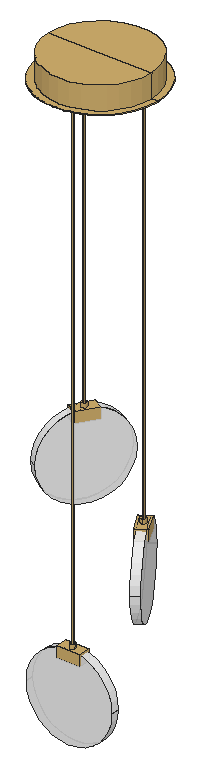
Revit family "3-6050-xx-xx Axiom pendant", category Luminarias, Revit 2021
Family settings
  Anfitrión = Techo
  Cota de conector redondo = Diámetro de uso
  Tipo de pieza = Normal
  Número OmniClass = 23.80.70.11
  Título OmniClass = Luminaries for Internal Lighting
  Siempre vertical = Sí
  Corte con vacíos al cargar = No
  Origen de luz = Sí
  Compartido = No
  Punto de cálculo de habitación = No
Parameters (values of type "3-6050-15 / Black")
  Wattage = 60.79 W
  Light Source Symbol Size = 609.6 mm
  built-in parameter 1150110 = 1 (stored number, unit not read)
  Voltage Input = "120 V or 277 V - 50/60 Hz"  # constant formula
  Voltage = 120 V
  URL = "www.oxygenlighting.com"
  References = "Ref. 3 = 120 V / Ref. 37 = 277 V"  # constant formula
  Pendant Height [instance] = 900 mm
  Forma visible en renderización = no
  Emit from Circle Diameter = 609.6 mm
  Modelo = "3-6050-xx Axiom Pendant"  # constant formula
  Metal Finish 1 = 40 - Aged Brass
  built-in parameter 1114217 = 1 (stored number, unit not read)
  built-in parameter 1150109 = 1 (stored number, unit not read)
  Fabricante = "Oxygen - Lighting & Fans"  # constant formula
  Lamp = ""
  Diffusers = Ice Acrylic
  built-in parameter 1150134 = (empty or 0)
  built-in parameter 1150113 = 1 (stored number, unit not read)
  Lumens = 1294.83 lm
  built-in parameter 1150115 = 1 (stored number, unit not read)
  built-in parameter 1150105 = 103.04 (stored number, unit not read)
  built-in parameter 1150137 = (empty or 0)
  built-in parameter 1150139 = (empty or 0)
  built-in parameter 1150112 = 1 (stored number, unit not read)
  built-in parameter 1150114 = 1 (stored number, unit not read)
  built-in parameter 1150132 = (empty or 0)
  built-in parameter 1150102 = (empty or 0)
  built-in parameter 1150138 = (empty or 0)
  built-in parameter 1150107 = 3000 (stored number, unit not read)
  built-in parameter 1150106 = 1.0304 (stored number, unit not read)
  built-in parameter 1150104 = 1.9788 (stored number, unit not read)
  Dimming Lamp Color Temperature Shift = (empty or 0)
  Default Elevation = 0 mm
  Color Filter = 16777215
  built-in parameter 1114218 = 1 (stored number, unit not read)
  built-in parameter 1150133 = 10 (stored number, unit not read)
Types (2): name
  3-6050-15 / Black
  3-6050-40 / Aged Brass
Reference planes
  plane 1 "Light Source Axis (F/B)": y = 0
  plane 2: z = 0
  plane 3 "Light Source Axis (L/R)": x = 0
  plane 4 "Ceiling": z = 4000
  plane 5 "Light Source Elevation": z = 3081.344
  plane 6: z = 3100
Dimensions and locks
  equal spacing: host sketch curve, plane 3 "Light Source Axis (L/R)", host sketch curve
  equal spacing: host sketch curve, plane 1 "Light Source Axis (F/B)", host sketch curve
  host sketch curve to host sketch curve = 4000 mm  (x2)
  plane 4 "Ceiling" to host ceiling = 0 mm
  "Pendant Height": plane 6 to plane 4 "Ceiling"
  locked: plane 5 "Light Source Elevation" to plane 6 at 18.656
  aligned and locked: plane 3 "Light Source Axis (L/R)" to imposter light
  aligned and locked: plane 1 "Light Source Axis (F/B)" to imposter light
  aligned and locked: plane 5 "Light Source Elevation" to imposter light
  aligned and locked: plane 3 "Light Source Axis (L/R)" to nested 1
  aligned and locked: plane 1 "Light Source Axis (F/B)" to nested 1
  aligned and locked: plane 4 "Ceiling" to nested 1
Nested families
  nested 1: "Familia3" at (0, 0, 4000), Pendant height <- "Pendant Height", type "Familia3"
    with Pendant height 900 mm
Connectors
  electrical at (0, 0, 4000), driven by "Voltage"
    settings: on nested 1, index 1, voltage 120 V, apparent load 0 VA, apparent load phase1 0 VA, apparent load phase2 0 VA, apparent load phase3 0 VA, power factor 1, load classification "Other", number of poles 1, system type 31, power factor state 1, is connector primary yes, connector utility no, sub classification motor no, connector description ""
Definition of nested family "Familia3"
  Parameters (values of type "Familia3")
    Pendant height [instance] = 900 mm
    Metal Finish 2 = none
    Metal Finish 1 = none
    Default Elevation = 0 mm
    Diffusers = none
  Reference planes
    plane 1 "Center (Front/Back)": y = 0
    plane 2: z = 0
    plane 3 "Center (Left/Right)": x = 0
    plane 4: z = -900
    plane 5: z = -390.539
    plane 6: z = -726.106
    plane 7: z = -581.26
  Forms (mm)
    Revolve 1, solid, material <- "Metal Finish 2"
      sketch origin (0, 0, 0) x (1, 0, 0) y (0, 0, 1)
        loop
          line (0, 0) -> (0, -40.639) -> (101.1, -40.639) -> (101.1, -39.842) -> (89.645, -39.842) -> (89.645, 0) -> (0, 0)
        axis (0, 0) -> (0, -40.639)
      angle from 0 to 360
    Extrusion 2, solid, material <- "Metal Finish 1", not visible
      sketch origin (0, -114, 2.5) x (1, 0, 0) y (0, 0, 1)
        loop
          arc (49.329, -569.572) -> (44.69, -538.652) -> (30.858, -510.613) r 101.473
          arc (30.858, -510.613) -> (17.534, -497.96) -> (0.046, -492.317) r 41.409
          arc (0.046, -492.317) -> (-17.459, -497.972) -> (-30.786, -510.653) r 41.395
          arc (-30.786, -510.653) -> (-44.661, -538.78) -> (-49.282, -569.8) r 101.448
          line (-49.282, -569.8) -> (-48.281, -569.8)
          arc (-48.281, -569.8) -> (-43.705, -539.078) -> (-29.963, -511.223) r 100.447
          arc (-29.963, -511.223) -> (-16.994, -498.86) -> (0.046, -493.323) r 40.394
          arc (0.046, -493.323) -> (17.069, -498.848) -> (30.035, -511.183) r 40.408
          arc (30.035, -511.183) -> (43.735, -538.951) -> (48.328, -569.572) r 100.471
          line (48.328, -569.572) -> (49.329, -569.572)
      from 0 to 585
    Extrusion 3, void, not visible
      sketch origin (0, -25, 7.813) x (0, 1, 0) y (0, 0, 1)
        loop
          arc (-89, -490.491) -> (-101.144, -500.347) -> (-113.886, -509.418) r 247.9
          arc (-113.886, -509.418) -> (-288.905, -567.732) -> (-473.375, -569.491) r 593.512
          arc (-473.375, -569.491) -> (-528.351, -557.707) -> (-581.971, -540.787) r 595.129
          arc (-581.971, -540.787) -> (-630.676, -520.562) -> (-674, -490.491) r 247.9
          line (-674, -490.491) -> (-681.929, -480.971) -> (-681.929, -580.12) -> (-81.929, -580.12) -> (-81.929, -483.42) -> (-89, -490.491)
      from -70.392 to 66.08
    Extrusion 4, solid, material <- "Metal Finish 1", not visible
      sketch origin (0, 114, 2.5) x (1, 0, 0) y (0, 0, -1)
        loop
          line (49.329, 569.572) -> (48.328, 569.572)
          arc (48.328, 569.572) -> (43.735, 538.951) -> (30.035, 511.183) r 100.471
          arc (30.035, 511.183) -> (17.069, 498.848) -> (0.046, 493.323) r 40.408
          arc (0.046, 493.323) -> (-16.994, 498.86) -> (-29.963, 511.223) r 40.394
          arc (-29.963, 511.223) -> (-43.705, 539.078) -> (-48.281, 569.8) r 100.447
          line (-48.281, 569.8) -> (-49.282, 569.8)
          arc (-49.282, 569.8) -> (-44.661, 538.78) -> (-30.786, 510.653) r 101.448
          arc (-30.786, 510.653) -> (-17.459, 497.972) -> (0.046, 492.317) r 41.395
          arc (0.046, 492.317) -> (17.534, 497.96) -> (30.858, 510.613) r 41.409
          arc (30.858, 510.613) -> (44.69, 538.652) -> (49.329, 569.572) r 101.473
      from 0 to 585
    Extrusion 5, void, not visible
      sketch origin (0, 25, 7.812) x (0, -1, 0) y (0, 0, -1)
        loop
          line (-89, 490.491) -> (-81.929, 483.42) -> (-81.929, 580.12) -> (-681.929, 580.12) -> (-681.929, 480.971) -> (-674, 490.491)
          arc (-674, 490.491) -> (-630.676, 520.562) -> (-581.971, 540.787) r 247.9
          arc (-581.971, 540.787) -> (-528.351, 557.707) -> (-473.375, 569.491) r 595.129
          arc (-473.375, 569.491) -> (-288.905, 567.732) -> (-113.886, 509.418) r 593.512
          arc (-113.886, 509.418) -> (-101.144, 500.347) -> (-89, 490.491) r 247.9
      from -70.392 to 66.08
    Extrusion 6, solid, material <- "Metal Finish 1", not visible
      sketch origin (-114, 0, 102.784) x (0, -1, 0) y (0, 0, 1)
        loop
          arc (49.329, -569.572) -> (44.69, -538.652) -> (30.858, -510.613) r 101.473
          arc (30.858, -510.613) -> (17.534, -497.96) -> (0.046, -492.317) r 41.409
          arc (0.046, -492.317) -> (-17.459, -497.972) -> (-30.786, -510.653) r 41.395
          arc (-30.786, -510.653) -> (-44.661, -538.78) -> (-49.282, -569.8) r 101.448
          line (-49.282, -569.8) -> (-48.281, -569.8)
          arc (-48.281, -569.8) -> (-43.705, -539.078) -> (-29.963, -511.223) r 100.447
          arc (-29.963, -511.223) -> (-16.994, -498.86) -> (0.046, -493.323) r 40.394
          arc (0.046, -493.323) -> (17.069, -498.848) -> (30.035, -511.183) r 40.408
          arc (30.035, -511.183) -> (43.735, -538.951) -> (48.328, -569.572) r 100.471
          line (48.328, -569.572) -> (49.329, -569.572)
      from 0 to 585
    Extrusion 7, void, not visible
      sketch origin (-25, 0, 110.596) x (1, 0, 0) y (0, 0, 1)
        loop
          arc (-89, -490.491) -> (-101.144, -500.347) -> (-113.886, -509.418) r 247.9
          arc (-113.886, -509.418) -> (-288.905, -567.732) -> (-473.375, -569.491) r 593.512
          arc (-473.375, -569.491) -> (-528.351, -557.707) -> (-581.971, -540.787) r 595.129
          arc (-581.971, -540.787) -> (-630.676, -520.562) -> (-674, -490.491) r 247.9
          line (-674, -490.491) -> (-681.929, -480.971) -> (-681.929, -580.12) -> (-81.929, -580.12) -> (-81.929, -483.42) -> (-89, -490.491)
      from -70.392 to 66.08
    Extrusion 8, solid, material <- "Metal Finish 1", not visible
      sketch origin (114, 0, 102.784) x (0, -1, 0) y (0, 0, -1)
        loop
          line (49.329, 569.572) -> (48.328, 569.572)
          arc (48.328, 569.572) -> (43.735, 538.951) -> (30.035, 511.183) r 100.471
          arc (30.035, 511.183) -> (17.069, 498.848) -> (0.046, 493.323) r 40.408
          arc (0.046, 493.323) -> (-16.994, 498.86) -> (-29.963, 511.223) r 40.394
          arc (-29.963, 511.223) -> (-43.705, 539.078) -> (-48.281, 569.8) r 100.447
          line (-48.281, 569.8) -> (-49.282, 569.8)
          arc (-49.282, 569.8) -> (-44.661, 538.78) -> (-30.786, 510.653) r 101.448
          arc (-30.786, 510.653) -> (-17.459, 497.972) -> (0.046, 492.317) r 41.395
          arc (0.046, 492.317) -> (17.534, 497.96) -> (30.858, 510.613) r 41.409
          arc (30.858, 510.613) -> (44.69, 538.652) -> (49.329, 569.572) r 101.473
      from 0 to 585
    Extrusion 9, void, not visible
      sketch origin (25, 0, 108.096) x (-1, 0, 0) y (0, 0, -1)
        loop
          line (-89, 490.491) -> (-81.929, 483.42) -> (-81.929, 580.12) -> (-681.929, 580.12) -> (-681.929, 480.971) -> (-674, 490.491)
          arc (-674, 490.491) -> (-630.676, 520.562) -> (-581.971, 540.787) r 247.9
          arc (-581.971, 540.787) -> (-528.351, 557.707) -> (-473.375, 569.491) r 595.129
          arc (-473.375, 569.491) -> (-288.905, 567.732) -> (-113.886, 509.418) r 593.512
          arc (-113.886, 509.418) -> (-101.144, 500.347) -> (-89, 490.491) r 247.9
      from -70.392 to 66.08
    Revolve 10, solid, material <- "Metal Finish 2"
      sketch origin (0, -59.985, 0) x (1, 0, 0) y (0, 0, 1)
        loop
          line (0, -40.639) -> (0, -900) -> (4.482, -900) -> (4.482, -894.024) -> (1.386, -894.024) -> (1.386, -47.713) -> (2.216, -47.713) -> (2.216, -43.639) -> (5.976, -42.631) -> (5.976, -40.639) -> (0, -40.639)
        axis (0, -40.639) -> (0, -900)
      angle from 0 to 360
    Extrusion 11, solid, material <- "Metal Finish 2"
      sketch origin (0, 0, 0) x (1, 0, 0) y (0, 0, 1)
        loop
          line (-19.921, -900) -> (-19.921, -918.427) -> (19.921, -918.427) -> (19.921, -900) -> (-19.921, -900)
      from 49.282 to 70.199
    Extrusion 12, solid, material <- "Diffusers"
      sketch origin (0, 0, 0) x (1, 0, 0) y (0, 0, 1)
        loop
          circle (0, -974.958) r 74.705
      from 52.27 to 67.211
    Revolve 13, solid, material <- "Metal Finish 2"
      sketch origin (51.526, 29.748, 0) x (0.5, -0.866025, 0) y (0, 0, 1)
        loop
          line (0, -40.639) -> (0, -726.106) -> (4.482, -726.106) -> (4.482, -720.129) -> (1.386, -720.129) -> (1.386, -47.713) -> (2.216, -47.713) -> (2.216, -43.639) -> (5.976, -42.631) -> (5.976, -40.639) -> (0, -40.639)
        axis (0, -40.639) -> (0, -726.106)
      angle from 0 to 360
    Extrusion 14, solid, material <- "Metal Finish 2"
      sketch origin (103.474, 59.741, 173.894) x (0.5, -0.866025, 0) y (0, 0, 1)
        loop
          line (-19.921, -900) -> (-19.921, -918.427) -> (19.921, -918.427) -> (19.921, -900) -> (-19.921, -900)
      from 49.282 to 70.199
    Extrusion 15, solid, material <- "Diffusers"
      sketch origin (103.474, 59.741, 173.894) x (0.5, -0.866025, 0) y (0, 0, 1)
        loop
          circle (0, -974.958) r 74.705
      from 52.27 to 67.211
    Revolve 16, solid, material <- "Metal Finish 2"
      sketch origin (-51.526, 29.748, 0) x (-0.5, -0.866025, 0) y (0, 0, -1)
        loop
          line (0, 40.639) -> (5.976, 40.639) -> (5.976, 42.631) -> (2.216, 43.639) -> (2.216, 47.713) -> (1.386, 47.713) -> (1.386, 575.283) -> (4.482, 575.283) -> (4.482, 581.26) -> (0, 581.26) -> (0, 40.639)
        axis (0, 40.639) -> (0, 581.26)
      angle from 0 to 360
    Extrusion 17, solid, material <- "Metal Finish 2"
      sketch origin (-103.474, 59.741, 318.74) x (-0.5, -0.866025, 0) y (0, 0, -1)
        loop
          line (-19.921, 900) -> (19.921, 900) -> (19.921, 918.427) -> (-19.921, 918.427) -> (-19.921, 900)
      from 49.282 to 70.199
    Extrusion 18, solid, material <- "Diffusers"
      sketch origin (-103.474, 59.741, 318.74) x (-0.5, -0.866025, 0) y (0, 0, -1)
        loop
          circle (0, 974.958) r 74.705
      from 52.27 to 67.211
  Dimensions and locks
    "Pendant height": plane 2 to plane 4
    locked: plane 6 to plane 4 at 173.894
    locked: plane 7 to plane 6 at 144.846
    aligned and locked: level to plane 2
  Automatic sketch dimensions
    Extrusion 2 sketch curve to Extrusion 2 sketch curve = 0.001 mm  (x6)
    Extrusion 2 sketch curve to Extrusion 2 sketch curve = 2.86 mm
    Extrusion 2 sketch curve to Extrusion 2 sketch curve = 1.001 mm
    Extrusion 2 sketch curve to Extrusion 2 sketch curve = 1 mm
    Extrusion 2 sketch curve to Extrusion 2 sketch curve = 2.834 mm
    Extrusion 2 sketch curve to Extrusion 2 sketch curve = 0.514 mm
    Extrusion 2 sketch curve to Extrusion 2 sketch curve = 0 mm  (x3)
    Extrusion 2 sketch curve to Extrusion 2 sketch curve = 0.812 mm
    Extrusion 2 sketch curve to Extrusion 2 sketch curve = 0.014 mm
    Extrusion 2 sketch curve to Extrusion 2 sketch curve = 0.823 mm
    Extrusion 3 sketch curve to Extrusion 3 sketch curve = 7.929 mm
    Extrusion 3 sketch curve to Extrusion 3 sketch curve = 170.14 mm
    Extrusion 3 sketch curve to Extrusion 3 sketch curve = 10.458 mm
    Extrusion 3 sketch curve to Extrusion 3 sketch curve = 7.071 mm  (x2)
    Extrusion 3 sketch curve to Extrusion 3 sketch curve = 180.391 mm
    Extrusion 3 sketch curve to Extrusion 3 sketch curve = 0 mm
    Extrusion 4 sketch curve to Extrusion 4 sketch curve = 0.001 mm  (x6)
    Extrusion 4 sketch curve to Extrusion 4 sketch curve = 2.86 mm
    Extrusion 4 sketch curve to Extrusion 4 sketch curve = 1.001 mm
    Extrusion 4 sketch curve to Extrusion 4 sketch curve = 1 mm
    Extrusion 4 sketch curve to Extrusion 4 sketch curve = 2.834 mm
    Extrusion 4 sketch curve to Extrusion 4 sketch curve = 0.013 mm
    Extrusion 4 sketch curve to Extrusion 4 sketch curve = 35.424 mm
    Extrusion 4 sketch curve to Extrusion 4 sketch curve = 0 mm  (x3)
    Extrusion 4 sketch curve to Extrusion 4 sketch curve = 35.507 mm
    Extrusion 4 sketch curve to Extrusion 4 sketch curve = 0.514 mm
    Extrusion 4 sketch curve to Extrusion 4 sketch curve = 0.812 mm
    Extrusion 4 sketch curve to Extrusion 4 sketch curve = 0.823 mm
    Extrusion 5 sketch curve to Extrusion 5 sketch curve = 7.929 mm
    Extrusion 5 sketch curve to Extrusion 5 sketch curve = 170.14 mm
    Extrusion 5 sketch curve to Extrusion 5 sketch curve = 10.458 mm
    Extrusion 5 sketch curve to Extrusion 5 sketch curve = 0 mm  (x2)
    Extrusion 5 sketch curve to Extrusion 5 sketch curve = 187.462 mm
    Extrusion 5 sketch curve to Extrusion 5 sketch curve = 7.071 mm  (x2)
    Extrusion 6 sketch curve to Extrusion 6 sketch curve = 0.001 mm  (x6)
    Extrusion 6 sketch curve to Extrusion 6 sketch curve = 2.86 mm
    Extrusion 6 sketch curve to Extrusion 6 sketch curve = 1.001 mm
    Extrusion 6 sketch curve to Extrusion 6 sketch curve = 1 mm
    Extrusion 6 sketch curve to Extrusion 6 sketch curve = 2.834 mm
    Extrusion 6 sketch curve to Extrusion 6 sketch curve = 0.514 mm
    Extrusion 6 sketch curve to Extrusion 6 sketch curve = 0 mm  (x3)
    Extrusion 6 sketch curve to Extrusion 6 sketch curve = 0.812 mm
    Extrusion 6 sketch curve to Extrusion 6 sketch curve = 0.014 mm
    Extrusion 6 sketch curve to Extrusion 6 sketch curve = 0.823 mm
    Extrusion 7 sketch curve to Extrusion 7 sketch curve = 7.929 mm
    Extrusion 7 sketch curve to Extrusion 7 sketch curve = 170.14 mm
    Extrusion 7 sketch curve to Extrusion 7 sketch curve = 10.458 mm
    Extrusion 7 sketch curve to Extrusion 7 sketch curve = 7.071 mm  (x2)
    Extrusion 7 sketch curve to Extrusion 7 sketch curve = 180.391 mm
    Extrusion 7 sketch curve to Extrusion 7 sketch curve = 0 mm
    Extrusion 8 sketch curve to Extrusion 8 sketch curve = 0.001 mm  (x6)
    Extrusion 8 sketch curve to Extrusion 8 sketch curve = 2.86 mm
    Extrusion 8 sketch curve to Extrusion 8 sketch curve = 1.001 mm
    Extrusion 8 sketch curve to Extrusion 8 sketch curve = 1 mm
    Extrusion 8 sketch curve to Extrusion 8 sketch curve = 2.834 mm
    Extrusion 8 sketch curve to Extrusion 8 sketch curve = 0.013 mm
    Extrusion 8 sketch curve to Extrusion 8 sketch curve = 35.424 mm
    Extrusion 8 sketch curve to Extrusion 8 sketch curve = 0 mm  (x3)
    Extrusion 8 sketch curve to Extrusion 8 sketch curve = 35.507 mm
    Extrusion 8 sketch curve to Extrusion 8 sketch curve = 0.514 mm
    Extrusion 8 sketch curve to Extrusion 8 sketch curve = 0.812 mm
    Extrusion 8 sketch curve to Extrusion 8 sketch curve = 0.823 mm
    Extrusion 9 sketch curve to Extrusion 9 sketch curve = 7.929 mm
    Extrusion 9 sketch curve to Extrusion 9 sketch curve = 170.14 mm
    Extrusion 9 sketch curve to Extrusion 9 sketch curve = 10.458 mm
    Extrusion 9 sketch curve to Extrusion 9 sketch curve = 0 mm  (x2)
    Extrusion 9 sketch curve to Extrusion 9 sketch curve = 187.462 mm
    Extrusion 9 sketch curve to Extrusion 9 sketch curve = 7.071 mm  (x2)
    Extrusion 2 sketch curve to Extrusion 2 sketch curve = 44.672 mm
    Extrusion 2 sketch curve to Extrusion 2 sketch curve = 7.306 mm
    Extrusion 2 sketch curve to Extrusion 2 sketch curve = 44.629 mm
    Extrusion 2 sketch curve to Extrusion 2 sketch curve = 0.228 mm
    Extrusion 2 sketch curve to Extrusion 2 sketch curve = 36.235 mm
    Extrusion 2 sketch curve to Extrusion 2 sketch curve = 27.178 mm
    Extrusion 2 sketch curve to Extrusion 2 sketch curve = 30.009 mm
    Extrusion 3 sketch curve to Extrusion 3 sketch curve = 125.06 mm
    Extrusion 3 sketch curve to Extrusion 3 sketch curve = 260.578 mm
    Extrusion 3 sketch curve to Extrusion 3 sketch curve = 162.211 mm
    Extrusion 3 sketch curve to Extrusion 3 sketch curve = 89.629 mm  (x2)
    Extrusion 3 sketch curve to Extrusion 3 sketch curve = 9.52 mm
    Extrusion 3 sketch curve to Extrusion 3 sketch curve = 177.942 mm
    Extrusion 3 sketch curve to Extrusion 3 sketch curve = 320.691 mm
    Extrusion 3 sketch curve to Extrusion 3 sketch curve = 92.029 mm
    Extrusion 3 sketch curve to Extrusion 3 sketch curve = 108.596 mm
    Extrusion 4 sketch curve to Extrusion 4 sketch curve = 44.672 mm
    Extrusion 4 sketch curve to Extrusion 4 sketch curve = 7.306 mm
    Extrusion 4 sketch curve to Extrusion 4 sketch curve = 44.629 mm
    Extrusion 4 sketch curve to Extrusion 4 sketch curve = 27.178 mm
    Extrusion 4 sketch curve to Extrusion 4 sketch curve = 30.009 mm
    Extrusion 5 sketch curve to Extrusion 5 sketch curve = 125.06 mm
    Extrusion 5 sketch curve to Extrusion 5 sketch curve = 260.578 mm
    Extrusion 5 sketch curve to Extrusion 5 sketch curve = 162.211 mm
    Extrusion 5 sketch curve to Extrusion 5 sketch curve = 320.691 mm
    Extrusion 5 sketch curve to Extrusion 5 sketch curve = 177.942 mm
    Extrusion 5 sketch curve to Extrusion 5 sketch curve = 9.52 mm
    Extrusion 5 sketch curve to Extrusion 5 sketch curve = 89.629 mm
    Extrusion 5 sketch curve to Extrusion 5 sketch curve = 92.029 mm
    Extrusion 5 sketch curve to Extrusion 5 sketch curve = 108.596 mm
    Extrusion 6 sketch curve to Extrusion 6 sketch curve = 44.672 mm
    Extrusion 6 sketch curve to Extrusion 6 sketch curve = 7.306 mm
    Extrusion 6 sketch curve to Extrusion 6 sketch curve = 44.629 mm
    Extrusion 6 sketch curve to Extrusion 6 sketch curve = 0.228 mm
    Extrusion 6 sketch curve to Extrusion 6 sketch curve = 36.235 mm
    Extrusion 6 sketch curve to Extrusion 6 sketch curve = 27.178 mm
    Extrusion 6 sketch curve to Extrusion 6 sketch curve = 30.009 mm
    Extrusion 7 sketch curve to Extrusion 7 sketch curve = 125.06 mm
    Extrusion 7 sketch curve to Extrusion 7 sketch curve = 260.578 mm
    Extrusion 7 sketch curve to Extrusion 7 sketch curve = 162.211 mm
    Extrusion 7 sketch curve to Extrusion 7 sketch curve = 89.629 mm  (x2)
    Extrusion 7 sketch curve to Extrusion 7 sketch curve = 9.52 mm
    Extrusion 7 sketch curve to Extrusion 7 sketch curve = 177.942 mm
    Extrusion 7 sketch curve to Extrusion 7 sketch curve = 320.691 mm
    Extrusion 7 sketch curve to Extrusion 7 sketch curve = 92.029 mm
    Extrusion 7 sketch curve to Extrusion 7 sketch curve = 108.596 mm
    Extrusion 8 sketch curve to Extrusion 8 sketch curve = 44.672 mm
    Extrusion 8 sketch curve to Extrusion 8 sketch curve = 7.306 mm
    Extrusion 8 sketch curve to Extrusion 8 sketch curve = 44.629 mm
    Extrusion 8 sketch curve to Extrusion 8 sketch curve = 27.178 mm
    Extrusion 8 sketch curve to Extrusion 8 sketch curve = 30.009 mm
    Extrusion 9 sketch curve to Extrusion 9 sketch curve = 125.06 mm
    Extrusion 9 sketch curve to Extrusion 9 sketch curve = 260.578 mm
    Extrusion 9 sketch curve to Extrusion 9 sketch curve = 162.211 mm
    Extrusion 9 sketch curve to Extrusion 9 sketch curve = 320.691 mm
    Extrusion 9 sketch curve to Extrusion 9 sketch curve = 177.942 mm
    Extrusion 9 sketch curve to Extrusion 9 sketch curve = 9.52 mm
    Extrusion 9 sketch curve to Extrusion 9 sketch curve = 89.629 mm
    Extrusion 9 sketch curve to Extrusion 9 sketch curve = 92.029 mm
    Extrusion 9 sketch curve to Extrusion 9 sketch curve = 108.596 mm
    Revolve 1 sketch curve to plane 3 "Center (Left/Right)" = 0 mm  (x2)
    Revolve 1 sketch curve to level = 0 mm
    Revolve 1 sketch curve to level = 39.842 mm
    plane 3 "Center (Left/Right)" to Revolve 1 sketch curve = 89.645 mm
    Revolve 1 sketch curve to Revolve 1 sketch curve = 11.455 mm
    Revolve 1 sketch curve to level = 40.639 mm
    Revolve 1 sketch curve to Revolve 1 sketch curve = 161.293 mm
    level to Revolve 1 sketch curve = 2214.315 mm
    Revolve 10 sketch curve to plane 3 "Center (Left/Right)" = 0 mm  (x2)
    Revolve 10 sketch curve to plane 4 = 0 mm
    plane 3 "Center (Left/Right)" to Revolve 10 sketch curve = 1.386 mm
    plane 3 "Center (Left/Right)" to Revolve 10 sketch curve = 2.216 mm
    plane 3 "Center (Left/Right)" to Revolve 10 sketch curve = 4.482 mm
    Revolve 10 sketch curve to Revolve 10 sketch curve = 3.76 mm
    Revolve 10 sketch curve to plane 4 = 5.976 mm
    Revolve 10 sketch curve to level = 47.713 mm
    Revolve 10 sketch curve to Revolve 10 sketch curve = 4.074 mm
    Revolve 10 sketch curve to Revolve 10 sketch curve = 1.007 mm
    Revolve 10 sketch curve to Revolve 10 sketch curve = 1.992 mm
    Revolve 10 sketch curve to Revolve 10 sketch curve = 639.306 mm
    level to Revolve 10 sketch curve = 80 mm
    Extrusion 11 sketch curve to plane 4 = 0 mm
    Extrusion 11 sketch curve to plane 3 "Center (Left/Right)" = 19.921 mm
    plane 3 "Center (Left/Right)" to Extrusion 11 sketch curve = 19.921 mm
    Extrusion 11 sketch curve to Extrusion 11 sketch curve = 18.427 mm
    plane 3 "Center (Left/Right)" to Extrusion 12 sketch curve = 0 mm
    plane 4 to Extrusion 12 sketch curve = 74.958 mm
    Revolve 13 sketch curve to plane 4 = 173.894 mm
    Revolve 13 sketch curve to level = 40.639 mm
    Revolve 13 sketch curve to Revolve 13 sketch curve = 1.386 mm
    Revolve 13 sketch curve to level = 43.639 mm
    Revolve 13 sketch curve to Revolve 13 sketch curve = 2.216 mm
    Revolve 13 sketch curve to Revolve 13 sketch curve = 4.482 mm
    Revolve 13 sketch curve to Revolve 13 sketch curve = 3.76 mm
    Revolve 13 sketch curve to plane 4 = 179.871 mm
    Revolve 13 sketch curve to Revolve 13 sketch curve = 4.074 mm
    Revolve 13 sketch curve to Revolve 13 sketch curve = 1.992 mm
    Revolve 13 sketch curve to Revolve 13 sketch curve = 0 mm
    Revolve 13 sketch curve to Revolve 13 sketch curve = 813.201 mm
    level to Revolve 13 sketch curve = 80 mm
    Extrusion 14 sketch curve to plane 4 = 173.894 mm
    Extrusion 14 sketch curve to plane 4 = 155.467 mm
    Extrusion 14 sketch curve to Extrusion 14 sketch curve = 39.842 mm
    Extrusion 15 sketch curve to plane 4 = 98.936 mm
    Revolve 16 sketch curve to plane 4 = 318.74 mm
    Revolve 16 sketch curve to level = 40.639 mm
    Revolve 16 sketch curve to Revolve 16 sketch curve = 1.386 mm
    Revolve 16 sketch curve to level = 43.639 mm
    Revolve 16 sketch curve to Revolve 16 sketch curve = 2.216 mm
    Revolve 16 sketch curve to Revolve 16 sketch curve = 4.482 mm
    Revolve 16 sketch curve to Revolve 16 sketch curve = 3.76 mm
    Revolve 16 sketch curve to Revolve 16 sketch curve = 1.992 mm
    Revolve 16 sketch curve to Revolve 16 sketch curve = 4.074 mm
    Revolve 16 sketch curve to plane 4 = 324.717 mm
    Revolve 16 sketch curve to Revolve 16 sketch curve = 0 mm
    level to Revolve 16 sketch curve = 80 mm
    Revolve 16 sketch curve to Revolve 16 sketch curve = 958.047 mm
    Extrusion 17 sketch curve to plane 4 = 318.74 mm
    Extrusion 17 sketch curve to plane 4 = 300.313 mm
    Extrusion 17 sketch curve to Extrusion 17 sketch curve = 39.842 mm
    Extrusion 18 sketch curve to plane 4 = 243.782 mm
    radius of Extrusion 12 sketch curve = 74.705 mm
    radius of Extrusion 15 sketch curve = 74.705 mm
    radius of Extrusion 18 sketch curve = 74.705 mm
